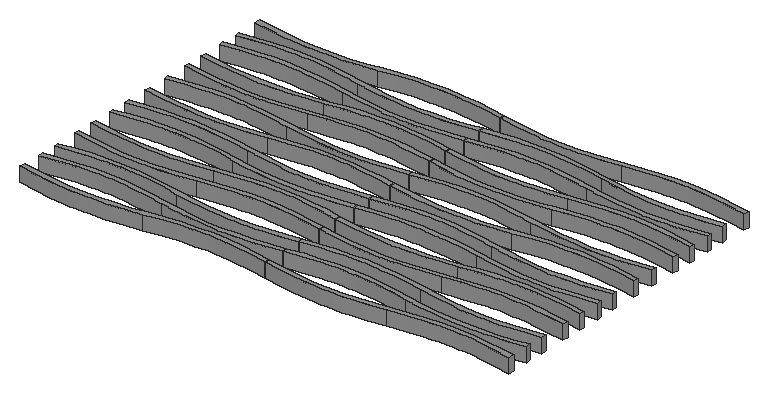
Revit family "BFL-FLD-007_FOLDED BAFFLES_RFA", category Modelos genéricos, Revit 2022
Family settings
  Puede alojar armadura = No
  Cota de conector redondo = Diámetro de uso
  Tipo de pieza = Normal
  Se basa en plano de trabajo = No
  Siempre vertical = Sí
  Corte con vacíos al cargar = No
  Mantener orientación de anotación = No
  Compartido = No
  Punto de cálculo de habitación = No
Parameters
  Elevación por defecto = 0.00"
Reference planes (in)
  plane 1 "Centro (Frontal/Posterior)": y = 0
  plane 2: z = 0
  plane 3 "Centro (Izquierda/Derecha)": x = 0
Forms (in)
  Extrusion 1, solid
    sketch origin (-50.65608, -51.25, 0) x (1, 0, 0) y (0, 1, 0)
      loop
        line (-51.35348, 4.8877) -> (-51.00478, 2.78394)
        spline (-51.00478, 2.78394) -> (-46.75243, 3.44913) -> (-42.48849, 4.0353) -> (-38.21292, 4.52928) -> (-33.92617, 4.9141) -> (-29.62971, 5.16703) -> (-25.32686, 5.25727) -> (-21.02416, 5.1596) -> (-16.72805, 4.90072) -> (-12.44174, 4.51103) -> (-8.16664, 4.01294) -> (-3.90318, 3.4233) -> (0.3487, 2.7551)
        spline (0.3487, 2.7551) -> (4.54288, 2.09578) -> (8.74843, 1.51355) -> (12.96543, 1.0212) -> (17.19348, 0.63552) -> (21.43124, 0.37882) -> (25.67555, 0.28163) -> (29.92003, 0.37134) -> (34.15814, 0.62208) -> (38.38663, 1.0029) -> (42.6041, 1.49115) -> (46.81013, 2.06993) -> (51.00478, 2.72626)
        line (51.00478, 2.72626) -> (50.65608, 4.83002)
        spline (50.65608, 4.83002) -> (46.46143, 4.17369) -> (42.2554, 3.59491) -> (38.03794, 3.10666) -> (33.80944, 2.72585) -> (29.57133, 2.4751) -> (25.32686, 2.38539) -> (21.08254, 2.48258) -> (16.84478, 2.73928) -> (12.61673, 3.12496) -> (8.39973, 3.61731) -> (4.19418, 4.19954) -> (0, 4.85886)
        spline (0, 4.85886) -> (-4.25188, 5.52706) -> (-8.51534, 6.1167) -> (-12.79044, 6.61479) -> (-17.07674, 7.00448) -> (-21.37286, 7.26336) -> (-25.67556, 7.36104) -> (-29.97841, 7.27079) -> (-34.27487, 7.01787) -> (-38.56162, 6.63305) -> (-42.83719, 6.13906) -> (-47.10113, 5.5529) -> (-51.35348, 4.8877)
    from 0 to 6
  Extrusion 2, solid, not visible
    sketch origin (-50.65608, -53, 0) x (1, 0, 0) y (0, 1, 0)
      loop
        line (-51.35348, 57.8877) -> (-51.00478, 55.78394)
        spline (-51.00478, 55.78394) -> (-46.75243, 56.44913) -> (-42.48849, 57.0353) -> (-38.21292, 57.52928) -> (-33.92617, 57.9141) -> (-29.62971, 58.16703) -> (-25.32686, 58.25727) -> (-21.02416, 58.1596) -> (-16.72805, 57.90072) -> (-12.44174, 57.51103) -> (-8.16664, 57.01294) -> (-3.90318, 56.4233) -> (0.3487, 55.7551)
        spline (0.3487, 55.7551) -> (4.54288, 55.09578) -> (8.74843, 54.51355) -> (12.96543, 54.0212) -> (17.19348, 53.63552) -> (21.43124, 53.37882) -> (25.67555, 53.28163) -> (29.92003, 53.37134) -> (34.15814, 53.62208) -> (38.38663, 54.0029) -> (42.6041, 54.49115) -> (46.81013, 55.06993) -> (51.00478, 55.72626)
        line (51.00478, 55.72626) -> (50.65608, 57.83002)
        spline (50.65608, 57.83002) -> (46.46143, 57.17369) -> (42.2554, 56.59491) -> (38.03794, 56.10666) -> (33.80944, 55.72585) -> (29.57133, 55.4751) -> (25.32686, 55.38539) -> (21.08254, 55.48258) -> (16.84478, 55.73928) -> (12.61673, 56.12496) -> (8.39973, 56.61731) -> (4.19418, 57.19954) -> (0, 57.85886)
        spline (0, 57.85886) -> (-4.25188, 58.52706) -> (-8.51534, 59.1167) -> (-12.79044, 59.61479) -> (-17.07674, 60.00448) -> (-21.37286, 60.26336) -> (-25.67556, 60.36104) -> (-29.97841, 60.27079) -> (-34.27487, 60.01787) -> (-38.56162, 59.63305) -> (-42.83719, 59.13906) -> (-47.10113, 58.5529) -> (-51.35348, 57.8877)
    from 0 to 6
  Sweep 3, solid, not visible
    path origin (0, 0, 0) x (1, 0, 0) y (0, 1, 0)
      loop
        spline (-92.49217, 5.10021) -> (-84.6075, 6.03201) -> (-77.1527, 6.33846) -> (-70.05936, 6.14551) -> (-63.25908, 5.5791) -> (-56.68345, 4.76519) -> (-50.26407, 3.82973) -> (-43.91162, 2.89853) -> (-37.47239, 2.09695) -> (-30.78031, 1.55026) -> (-23.66932, 1.38375) -> (-15.97333, 1.72269) -> (-7.52628, 2.69235)
    profile origin (-50.26407, 3.82973, 0) x (0.148278, 0.988946, 0) y (0, 0, 1)
      loop
        line (-0.25, 0) -> (-0.25, -0.04234) -> (0.25, -0.04234) -> (0.25, 0) -> (-0.25, 0)
  Extrusion 4, solid
    sketch origin (51.35348, -51.30768, 0) x (1, 0, 0) y (0, 1, 0)
      loop
        line (-51.35348, 4.8877) -> (-51.00478, 2.78394)
        spline (-51.00478, 2.78394) -> (-46.75243, 3.44913) -> (-42.48849, 4.0353) -> (-38.21292, 4.52928) -> (-33.92617, 4.9141) -> (-29.62971, 5.16703) -> (-25.32686, 5.25727) -> (-21.02416, 5.1596) -> (-16.72805, 4.90072) -> (-12.44174, 4.51103) -> (-8.16664, 4.01294) -> (-3.90318, 3.4233) -> (0.3487, 2.7551)
        spline (0.3487, 2.7551) -> (4.54288, 2.09578) -> (8.74843, 1.51355) -> (12.96543, 1.0212) -> (17.19348, 0.63552) -> (21.43124, 0.37882) -> (25.67555, 0.28163) -> (29.92003, 0.37134) -> (34.15814, 0.62208) -> (38.38663, 1.0029) -> (42.6041, 1.49115) -> (46.81013, 2.06993) -> (51.00478, 2.72626)
        line (51.00478, 2.72626) -> (50.65608, 4.83002)
        spline (50.65608, 4.83002) -> (46.46143, 4.17369) -> (42.2554, 3.59491) -> (38.03794, 3.10666) -> (33.80944, 2.72585) -> (29.57133, 2.4751) -> (25.32686, 2.38539) -> (21.08254, 2.48258) -> (16.84478, 2.73928) -> (12.61673, 3.12496) -> (8.39973, 3.61731) -> (4.19418, 4.19954) -> (0, 4.85886)
        spline (0, 4.85886) -> (-4.25188, 5.52706) -> (-8.51534, 6.1167) -> (-12.79044, 6.61479) -> (-17.07674, 7.00448) -> (-21.37286, 7.26336) -> (-25.67556, 7.36104) -> (-29.97841, 7.27079) -> (-34.27487, 7.01787) -> (-38.56162, 6.63305) -> (-42.83719, 6.13906) -> (-47.10113, 5.5529) -> (-51.35348, 4.8877)
    from 0 to 6
  Extrusion 5, solid
    sketch origin (-50.65608, -53, 0) x (1, 0, 0) y (0, 1, 0)
      loop
        spline (-51.35348, -4.8877) -> (-47.10113, -5.5529) -> (-42.83719, -6.13906) -> (-38.56162, -6.63305) -> (-34.27487, -7.01787) -> (-29.97841, -7.27079) -> (-25.67556, -7.36104) -> (-21.37286, -7.26336) -> (-17.07674, -7.00448) -> (-12.79044, -6.61479) -> (-8.51534, -6.1167) -> (-4.25188, -5.52706) -> (0, -4.85886)
        spline (0, -4.85886) -> (4.19418, -4.19954) -> (8.39973, -3.61731) -> (12.61673, -3.12496) -> (16.84478, -2.73928) -> (21.08254, -2.48258) -> (25.32686, -2.38539) -> (29.57133, -2.4751) -> (33.80944, -2.72585) -> (38.03794, -3.10666) -> (42.2554, -3.59491) -> (46.46143, -4.17369) -> (50.65608, -4.83002)
        line (50.65608, -4.83002) -> (51.00478, -2.72626)
        spline (51.00478, -2.72626) -> (46.81013, -2.06993) -> (42.6041, -1.49115) -> (38.38663, -1.0029) -> (34.15814, -0.62208) -> (29.92003, -0.37134) -> (25.67555, -0.28163) -> (21.43124, -0.37882) -> (17.19348, -0.63552) -> (12.96543, -1.0212) -> (8.74843, -1.51355) -> (4.54288, -2.09578) -> (0.3487, -2.7551)
        spline (0.3487, -2.7551) -> (-3.90318, -3.4233) -> (-8.16664, -4.01294) -> (-12.44174, -4.51103) -> (-16.72805, -4.90072) -> (-21.02416, -5.1596) -> (-25.32686, -5.25727) -> (-29.62971, -5.16703) -> (-33.92617, -4.9141) -> (-38.21292, -4.52928) -> (-42.48849, -4.0353) -> (-46.75243, -3.44913) -> (-51.00478, -2.78394)
        line (-51.00478, -2.78394) -> (-51.35348, -4.8877)
    from 0 to 6
  Sweep 6, solid
    path origin (0, -53, 0) x (1, 0, 0) y (0, 1, 0)
      loop
        spline (-92.49217, -5.10021) -> (-84.6075, -6.03201) -> (-77.1527, -6.33846) -> (-70.05936, -6.14551) -> (-63.25908, -5.5791) -> (-56.68345, -4.76519) -> (-50.26407, -3.82973) -> (-43.91162, -2.89853) -> (-37.47239, -2.09695) -> (-30.78031, -1.55026) -> (-23.66932, -1.38375) -> (-15.97333, -1.72269) -> (-7.52628, -2.69235)
    profile origin (-50.26407, -56.82973, 0) x (-0.148278, 0.988946, 0) y (0, 0, 1)
      loop
        line (0.25, 0) -> (-0.25, 0) -> (-0.25, -0.04234) -> (0.25, -0.04234) -> (0.25, 0)
  Extrusion 7, solid
    sketch origin (51.35348, -52.94232, 0) x (1, 0, 0) y (0, 1, 0)
      loop
        spline (-51.35348, -4.8877) -> (-47.10113, -5.5529) -> (-42.83719, -6.13906) -> (-38.56162, -6.63305) -> (-34.27487, -7.01787) -> (-29.97841, -7.27079) -> (-25.67556, -7.36104) -> (-21.37286, -7.26336) -> (-17.07674, -7.00448) -> (-12.79044, -6.61479) -> (-8.51534, -6.1167) -> (-4.25188, -5.52706) -> (0, -4.85886)
        spline (0, -4.85886) -> (4.19418, -4.19954) -> (8.39973, -3.61731) -> (12.61673, -3.12496) -> (16.84478, -2.73928) -> (21.08254, -2.48258) -> (25.32686, -2.38539) -> (29.57133, -2.4751) -> (33.80944, -2.72585) -> (38.03794, -3.10666) -> (42.2554, -3.59491) -> (46.46143, -4.17369) -> (50.65608, -4.83002)
        line (50.65608, -4.83002) -> (51.00478, -2.72626)
        spline (51.00478, -2.72626) -> (46.81013, -2.06993) -> (42.6041, -1.49115) -> (38.38663, -1.0029) -> (34.15814, -0.62208) -> (29.92003, -0.37134) -> (25.67555, -0.28163) -> (21.43124, -0.37882) -> (17.19348, -0.63552) -> (12.96543, -1.0212) -> (8.74843, -1.51355) -> (4.54288, -2.09578) -> (0.3487, -2.7551)
        spline (0.3487, -2.7551) -> (-3.90318, -3.4233) -> (-8.16664, -4.01294) -> (-12.44174, -4.51103) -> (-16.72805, -4.90072) -> (-21.02416, -5.1596) -> (-25.32686, -5.25727) -> (-29.62971, -5.16703) -> (-33.92617, -4.9141) -> (-38.21292, -4.52928) -> (-42.48849, -4.0353) -> (-46.75243, -3.44913) -> (-51.00478, -2.78394)
        line (-51.00478, -2.78394) -> (-51.35348, -4.8877)
    from 0 to 6
  Sweep 8, solid
    path origin (102.00956, -53.05768, 0) x (1, 0, 0) y (0, 1, 0)
      loop
        spline (-92.49217, -4.98486) -> (-84.6075, -5.91666) -> (-77.1527, -6.2231) -> (-70.05936, -6.03015) -> (-63.25908, -5.46374) -> (-56.68345, -4.64983) -> (-50.26407, -3.71438) -> (-43.91162, -2.78317) -> (-37.47239, -1.98159) -> (-30.78031, -1.4349) -> (-23.66932, -1.26839) -> (-15.97333, -1.60733) -> (-7.52628, -2.577)
    profile origin (51.74549, -56.77206, 0) x (-0.148278, 0.988946, 0) y (0, 0, 1)
      loop
        line (0.25, 0) -> (-0.25, 0) -> (-0.25, -0.04234) -> (0.25, -0.04234) -> (0.25, 0)
  Extrusion 9, solid
    sketch origin (-50.65608, -53, 0) x (1, 0, 0) y (0, 1, 0)
      loop
        line (-51.35348, 14.6377) -> (-51.00478, 12.53394)
        spline (-51.00478, 12.53394) -> (-46.75243, 13.19913) -> (-42.48849, 13.7853) -> (-38.21292, 14.27928) -> (-33.92617, 14.6641) -> (-29.62971, 14.91703) -> (-25.32686, 15.00727) -> (-21.02416, 14.9096) -> (-16.72805, 14.65072) -> (-12.44174, 14.26103) -> (-8.16664, 13.76294) -> (-3.90318, 13.1733) -> (0.3487, 12.5051)
        spline (0.3487, 12.5051) -> (4.54288, 11.84578) -> (8.74843, 11.26355) -> (12.96543, 10.7712) -> (17.19348, 10.38552) -> (21.43124, 10.12882) -> (25.67555, 10.03163) -> (29.92003, 10.12134) -> (34.15814, 10.37208) -> (38.38663, 10.7529) -> (42.6041, 11.24115) -> (46.81013, 11.81993) -> (51.00478, 12.47626)
        line (51.00478, 12.47626) -> (50.65608, 14.58002)
        spline (50.65608, 14.58002) -> (46.46143, 13.92369) -> (42.2554, 13.34491) -> (38.03794, 12.85666) -> (33.80944, 12.47585) -> (29.57133, 12.2251) -> (25.32686, 12.13539) -> (21.08254, 12.23258) -> (16.84478, 12.48928) -> (12.61673, 12.87496) -> (8.39973, 13.36731) -> (4.19418, 13.94954) -> (0, 14.60886)
        spline (0, 14.60886) -> (-4.25188, 15.27706) -> (-8.51534, 15.8667) -> (-12.79044, 16.36479) -> (-17.07674, 16.75448) -> (-21.37286, 17.01336) -> (-25.67556, 17.11104) -> (-29.97841, 17.02079) -> (-34.27487, 16.76787) -> (-38.56162, 16.38305) -> (-42.83719, 15.88906) -> (-47.10113, 15.3029) -> (-51.35348, 14.6377)
    from 0 to 6
  Sweep 10, solid
    path origin (0, -23.25, 0) x (1, 0, 0) y (0, 1, 0)
      loop
        spline (-92.49217, -14.89979) -> (-84.6075, -13.96799) -> (-77.1527, -13.66154) -> (-70.05936, -13.85449) -> (-63.25908, -14.4209) -> (-56.68345, -15.23481) -> (-50.26407, -16.17027) -> (-43.91162, -17.10147) -> (-37.47239, -17.90305) -> (-30.78031, -18.44974) -> (-23.66932, -18.61625) -> (-15.97333, -18.27731) -> (-7.52628, -17.30765)
    profile origin (-50.26407, -39.42027, 0) x (0.148278, 0.988946, 0) y (0, 0, 1)
      loop
        line (-0.25, 0) -> (-0.25, -0.04234) -> (0.25, -0.04234) -> (0.25, 0) -> (-0.25, 0)
  Extrusion 11, solid
    sketch origin (51.35348, -149.30768, 0) x (1, 0, 0) y (0, 1, 0)
      loop
        line (-51.35348, 110.8877) -> (-51.00478, 108.78394)
        spline (-51.00478, 108.78394) -> (-46.75243, 109.44913) -> (-42.48849, 110.0353) -> (-38.21292, 110.52928) -> (-33.92617, 110.9141) -> (-29.62971, 111.16703) -> (-25.32686, 111.25727) -> (-21.02416, 111.1596) -> (-16.72805, 110.90072) -> (-12.44174, 110.51103) -> (-8.16664, 110.01294) -> (-3.90318, 109.4233) -> (0.3487, 108.7551)
        spline (0.3487, 108.7551) -> (4.54288, 108.09578) -> (8.74843, 107.51355) -> (12.96543, 107.0212) -> (17.19348, 106.63552) -> (21.43124, 106.37882) -> (25.67555, 106.28163) -> (29.92003, 106.37134) -> (34.15814, 106.62208) -> (38.38663, 107.0029) -> (42.6041, 107.49115) -> (46.81013, 108.06993) -> (51.00478, 108.72626)
        line (51.00478, 108.72626) -> (50.65608, 110.83002)
        spline (50.65608, 110.83002) -> (46.46143, 110.17369) -> (42.2554, 109.59491) -> (38.03794, 109.10666) -> (33.80944, 108.72585) -> (29.57133, 108.4751) -> (25.32686, 108.38539) -> (21.08254, 108.48258) -> (16.84478, 108.73928) -> (12.61673, 109.12496) -> (8.39973, 109.61731) -> (4.19418, 110.19954) -> (0, 110.85886)
        spline (0, 110.85886) -> (-4.25188, 111.52706) -> (-8.51534, 112.1167) -> (-12.79044, 112.61479) -> (-17.07674, 113.00448) -> (-21.37286, 113.26336) -> (-25.67556, 113.36104) -> (-29.97841, 113.27079) -> (-34.27487, 113.01787) -> (-38.56162, 112.63305) -> (-42.83719, 112.13906) -> (-47.10113, 111.5529) -> (-51.35348, 110.8877)
    from 0 to 6
  Sweep 12, solid
    path origin (102.00956, -23.30768, 0) x (1, 0, 0) y (0, 1, 0)
      loop
        spline (-92.49217, -14.89979) -> (-84.6075, -13.96799) -> (-77.1527, -13.66154) -> (-70.05936, -13.85449) -> (-63.25908, -14.4209) -> (-56.68345, -15.23481) -> (-50.26407, -16.17027) -> (-43.91162, -17.10147) -> (-37.47239, -17.90305) -> (-30.78031, -18.44974) -> (-23.66932, -18.61625) -> (-15.97333, -18.27731) -> (-7.52628, -17.30765)
    profile origin (51.74549, -39.47794, 0) x (0.148278, 0.988946, 0) y (0, 0, 1)
      loop
        line (-0.25, 0) -> (-0.25, -0.04234) -> (0.25, -0.04234) -> (0.25, 0) -> (-0.25, 0)
  Extrusion 13, solid
    sketch origin (-50.65608, -24.73205, 0) x (1, 0, 0) y (0, 1, 0)
      loop
        spline (-51.35348, -4.8877) -> (-47.10113, -5.5529) -> (-42.83719, -6.13906) -> (-38.56162, -6.63305) -> (-34.27487, -7.01787) -> (-29.97841, -7.27079) -> (-25.67556, -7.36104) -> (-21.37286, -7.26336) -> (-17.07674, -7.00448) -> (-12.79044, -6.61479) -> (-8.51534, -6.1167) -> (-4.25188, -5.52706) -> (0, -4.85886)
        spline (0, -4.85886) -> (4.19418, -4.19954) -> (8.39973, -3.61731) -> (12.61673, -3.12496) -> (16.84478, -2.73928) -> (21.08254, -2.48258) -> (25.32686, -2.38539) -> (29.57133, -2.4751) -> (33.80944, -2.72585) -> (38.03794, -3.10666) -> (42.2554, -3.59491) -> (46.46143, -4.17369) -> (50.65608, -4.83002)
        line (50.65608, -4.83002) -> (51.00478, -2.72626)
        spline (51.00478, -2.72626) -> (46.81013, -2.06993) -> (42.6041, -1.49115) -> (38.38663, -1.0029) -> (34.15814, -0.62208) -> (29.92003, -0.37134) -> (25.67555, -0.28163) -> (21.43124, -0.37882) -> (17.19348, -0.63552) -> (12.96543, -1.0212) -> (8.74843, -1.51355) -> (4.54288, -2.09578) -> (0.3487, -2.7551)
        spline (0.3487, -2.7551) -> (-3.90318, -3.4233) -> (-8.16664, -4.01294) -> (-12.44174, -4.51103) -> (-16.72805, -4.90072) -> (-21.02416, -5.1596) -> (-25.32686, -5.25727) -> (-29.62971, -5.16703) -> (-33.92617, -4.9141) -> (-38.21292, -4.52928) -> (-42.48849, -4.0353) -> (-46.75243, -3.44913) -> (-51.00478, -2.78394)
        line (-51.00478, -2.78394) -> (-51.35348, -4.8877)
    from 0 to 6
  Extrusion 14, solid
    sketch origin (51.35348, -24.67437, 0) x (1, 0, 0) y (0, 1, 0)
      loop
        spline (-51.35348, -4.8877) -> (-47.10113, -5.5529) -> (-42.83719, -6.13906) -> (-38.56162, -6.63305) -> (-34.27487, -7.01787) -> (-29.97841, -7.27079) -> (-25.67556, -7.36104) -> (-21.37286, -7.26336) -> (-17.07674, -7.00448) -> (-12.79044, -6.61479) -> (-8.51534, -6.1167) -> (-4.25188, -5.52706) -> (0, -4.85886)
        spline (0, -4.85886) -> (4.19418, -4.19954) -> (8.39973, -3.61731) -> (12.61673, -3.12496) -> (16.84478, -2.73928) -> (21.08254, -2.48258) -> (25.32686, -2.38539) -> (29.57133, -2.4751) -> (33.80944, -2.72585) -> (38.03794, -3.10666) -> (42.2554, -3.59491) -> (46.46143, -4.17369) -> (50.65608, -4.83002)
        line (50.65608, -4.83002) -> (51.00478, -2.72626)
        spline (51.00478, -2.72626) -> (46.81013, -2.06993) -> (42.6041, -1.49115) -> (38.38663, -1.0029) -> (34.15814, -0.62208) -> (29.92003, -0.37134) -> (25.67555, -0.28163) -> (21.43124, -0.37882) -> (17.19348, -0.63552) -> (12.96543, -1.0212) -> (8.74843, -1.51355) -> (4.54288, -2.09578) -> (0.3487, -2.7551)
        spline (0.3487, -2.7551) -> (-3.90318, -3.4233) -> (-8.16664, -4.01294) -> (-12.44174, -4.51103) -> (-16.72805, -4.90072) -> (-21.02416, -5.1596) -> (-25.32686, -5.25727) -> (-29.62971, -5.16703) -> (-33.92617, -4.9141) -> (-38.21292, -4.52928) -> (-42.48849, -4.0353) -> (-46.75243, -3.44913) -> (-51.00478, -2.78394)
        line (-51.00478, -2.78394) -> (-51.35348, -4.8877)
    from 0 to 6
  Extrusion 15, solid
    sketch origin (-50.65608, -16, 0) x (1, 0, 0) y (0, 1, 0)
      loop
        spline (-51.35348, -4.8877) -> (-47.10113, -5.5529) -> (-42.83719, -6.13906) -> (-38.56162, -6.63305) -> (-34.27487, -7.01787) -> (-29.97841, -7.27079) -> (-25.67556, -7.36104) -> (-21.37286, -7.26336) -> (-17.07674, -7.00448) -> (-12.79044, -6.61479) -> (-8.51534, -6.1167) -> (-4.25188, -5.52706) -> (0, -4.85886)
        spline (0, -4.85886) -> (4.19418, -4.19954) -> (8.39973, -3.61731) -> (12.61673, -3.12496) -> (16.84478, -2.73928) -> (21.08254, -2.48258) -> (25.32686, -2.38539) -> (29.57133, -2.4751) -> (33.80944, -2.72585) -> (38.03794, -3.10666) -> (42.2554, -3.59491) -> (46.46143, -4.17369) -> (50.65608, -4.83002)
        line (50.65608, -4.83002) -> (51.00478, -2.72626)
        spline (51.00478, -2.72626) -> (46.81013, -2.06993) -> (42.6041, -1.49115) -> (38.38663, -1.0029) -> (34.15814, -0.62208) -> (29.92003, -0.37134) -> (25.67555, -0.28163) -> (21.43124, -0.37882) -> (17.19348, -0.63552) -> (12.96543, -1.0212) -> (8.74843, -1.51355) -> (4.54288, -2.09578) -> (0.3487, -2.7551)
        spline (0.3487, -2.7551) -> (-3.90318, -3.4233) -> (-8.16664, -4.01294) -> (-12.44174, -4.51103) -> (-16.72805, -4.90072) -> (-21.02416, -5.1596) -> (-25.32686, -5.25727) -> (-29.62971, -5.16703) -> (-33.92617, -4.9141) -> (-38.21292, -4.52928) -> (-42.48849, -4.0353) -> (-46.75243, -3.44913) -> (-51.00478, -2.78394)
        line (-51.00478, -2.78394) -> (-51.35348, -4.8877)
    from 0 to 6
  Sweep 16, solid
    path origin (0, -16, 0) x (1, 0, 0) y (0, 1, 0)
      loop
        spline (-92.49217, -5.10021) -> (-84.6075, -6.03201) -> (-77.1527, -6.33846) -> (-70.05936, -6.14551) -> (-63.25908, -5.5791) -> (-56.68345, -4.76519) -> (-50.26407, -3.82973) -> (-43.91162, -2.89853) -> (-37.47239, -2.09695) -> (-30.78031, -1.55026) -> (-23.66932, -1.38375) -> (-15.97333, -1.72269) -> (-7.52628, -2.69235)
    profile origin (-50.26407, -19.82973, 0) x (-0.148278, 0.988946, 0) y (0, 0, 1)
      loop
        line (0.25, 0) -> (-0.25, 0) -> (-0.25, -0.04234) -> (0.25, -0.04234) -> (0.25, 0)
  Extrusion 17, solid
    sketch origin (51.35348, -15.94232, 0) x (1, 0, 0) y (0, 1, 0)
      loop
        spline (-51.35348, -4.8877) -> (-47.10113, -5.5529) -> (-42.83719, -6.13906) -> (-38.56162, -6.63305) -> (-34.27487, -7.01787) -> (-29.97841, -7.27079) -> (-25.67556, -7.36104) -> (-21.37286, -7.26336) -> (-17.07674, -7.00448) -> (-12.79044, -6.61479) -> (-8.51534, -6.1167) -> (-4.25188, -5.52706) -> (0, -4.85886)
        spline (0, -4.85886) -> (4.19418, -4.19954) -> (8.39973, -3.61731) -> (12.61673, -3.12496) -> (16.84478, -2.73928) -> (21.08254, -2.48258) -> (25.32686, -2.38539) -> (29.57133, -2.4751) -> (33.80944, -2.72585) -> (38.03794, -3.10666) -> (42.2554, -3.59491) -> (46.46143, -4.17369) -> (50.65608, -4.83002)
        line (50.65608, -4.83002) -> (51.00478, -2.72626)
        spline (51.00478, -2.72626) -> (46.81013, -2.06993) -> (42.6041, -1.49115) -> (38.38663, -1.0029) -> (34.15814, -0.62208) -> (29.92003, -0.37134) -> (25.67555, -0.28163) -> (21.43124, -0.37882) -> (17.19348, -0.63552) -> (12.96543, -1.0212) -> (8.74843, -1.51355) -> (4.54288, -2.09578) -> (0.3487, -2.7551)
        spline (0.3487, -2.7551) -> (-3.90318, -3.4233) -> (-8.16664, -4.01294) -> (-12.44174, -4.51103) -> (-16.72805, -4.90072) -> (-21.02416, -5.1596) -> (-25.32686, -5.25727) -> (-29.62971, -5.16703) -> (-33.92617, -4.9141) -> (-38.21292, -4.52928) -> (-42.48849, -4.0353) -> (-46.75243, -3.44913) -> (-51.00478, -2.78394)
        line (-51.00478, -2.78394) -> (-51.35348, -4.8877)
    from 0 to 6
  Sweep 18, solid
    path origin (102.00956, -16.05768, 0) x (1, 0, 0) y (0, 1, 0)
      loop
        spline (-92.49217, -4.98486) -> (-84.6075, -5.91666) -> (-77.1527, -6.2231) -> (-70.05936, -6.03015) -> (-63.25908, -5.46374) -> (-56.68345, -4.64983) -> (-50.26407, -3.71438) -> (-43.91162, -2.78317) -> (-37.47239, -1.98159) -> (-30.78031, -1.4349) -> (-23.66932, -1.26839) -> (-15.97333, -1.60733) -> (-7.52628, -2.577)
    profile origin (51.74549, -19.77206, 0) x (-0.148278, 0.988946, 0) y (0, 0, 1)
      loop
        line (0.25, 0) -> (-0.25, 0) -> (-0.25, -0.04234) -> (0.25, -0.04234) -> (0.25, 0)
  Extrusion 19, solid
    sketch origin (-50.65608, -14.25, 0) x (1, 0, 0) y (0, 1, 0)
      loop
        line (-51.35348, 4.8877) -> (-51.00478, 2.78394)
        spline (-51.00478, 2.78394) -> (-46.75243, 3.44913) -> (-42.48849, 4.0353) -> (-38.21292, 4.52928) -> (-33.92617, 4.9141) -> (-29.62971, 5.16703) -> (-25.32686, 5.25727) -> (-21.02416, 5.1596) -> (-16.72805, 4.90072) -> (-12.44174, 4.51103) -> (-8.16664, 4.01294) -> (-3.90318, 3.4233) -> (0.3487, 2.7551)
        spline (0.3487, 2.7551) -> (4.54288, 2.09578) -> (8.74843, 1.51355) -> (12.96543, 1.0212) -> (17.19348, 0.63552) -> (21.43124, 0.37882) -> (25.67555, 0.28163) -> (29.92003, 0.37134) -> (34.15814, 0.62208) -> (38.38663, 1.0029) -> (42.6041, 1.49115) -> (46.81013, 2.06993) -> (51.00478, 2.72626)
        line (51.00478, 2.72626) -> (50.65608, 4.83002)
        spline (50.65608, 4.83002) -> (46.46143, 4.17369) -> (42.2554, 3.59491) -> (38.03794, 3.10666) -> (33.80944, 2.72585) -> (29.57133, 2.4751) -> (25.32686, 2.38539) -> (21.08254, 2.48258) -> (16.84478, 2.73928) -> (12.61673, 3.12496) -> (8.39973, 3.61731) -> (4.19418, 4.19954) -> (0, 4.85886)
        spline (0, 4.85886) -> (-4.25188, 5.52706) -> (-8.51534, 6.1167) -> (-12.79044, 6.61479) -> (-17.07674, 7.00448) -> (-21.37286, 7.26336) -> (-25.67556, 7.36104) -> (-29.97841, 7.27079) -> (-34.27487, 7.01787) -> (-38.56162, 6.63305) -> (-42.83719, 6.13906) -> (-47.10113, 5.5529) -> (-51.35348, 4.8877)
    from 0 to 6
  Extrusion 20, solid
    sketch origin (51.35348, -14.30768, 0) x (1, 0, 0) y (0, 1, 0)
      loop
        line (-51.35348, 4.8877) -> (-51.00478, 2.78394)
        spline (-51.00478, 2.78394) -> (-46.75243, 3.44913) -> (-42.48849, 4.0353) -> (-38.21292, 4.52928) -> (-33.92617, 4.9141) -> (-29.62971, 5.16703) -> (-25.32686, 5.25727) -> (-21.02416, 5.1596) -> (-16.72805, 4.90072) -> (-12.44174, 4.51103) -> (-8.16664, 4.01294) -> (-3.90318, 3.4233) -> (0.3487, 2.7551)
        spline (0.3487, 2.7551) -> (4.54288, 2.09578) -> (8.74843, 1.51355) -> (12.96543, 1.0212) -> (17.19348, 0.63552) -> (21.43124, 0.37882) -> (25.67555, 0.28163) -> (29.92003, 0.37134) -> (34.15814, 0.62208) -> (38.38663, 1.0029) -> (42.6041, 1.49115) -> (46.81013, 2.06993) -> (51.00478, 2.72626)
        line (51.00478, 2.72626) -> (50.65608, 4.83002)
        spline (50.65608, 4.83002) -> (46.46143, 4.17369) -> (42.2554, 3.59491) -> (38.03794, 3.10666) -> (33.80944, 2.72585) -> (29.57133, 2.4751) -> (25.32686, 2.38539) -> (21.08254, 2.48258) -> (16.84478, 2.73928) -> (12.61673, 3.12496) -> (8.39973, 3.61731) -> (4.19418, 4.19954) -> (0, 4.85886)
        spline (0, 4.85886) -> (-4.25188, 5.52706) -> (-8.51534, 6.1167) -> (-12.79044, 6.61479) -> (-17.07674, 7.00448) -> (-21.37286, 7.26336) -> (-25.67556, 7.36104) -> (-29.97841, 7.27079) -> (-34.27487, 7.01787) -> (-38.56162, 6.63305) -> (-42.83719, 6.13906) -> (-47.10113, 5.5529) -> (-51.35348, 4.8877)
    from 0 to 6
  Extrusion 21, solid
    sketch origin (-50.65608, -53, 0) x (1, 0, 0) y (0, 1, 0)
      loop
        line (-51.35348, 51.6377) -> (-51.00478, 49.53394)
        spline (-51.00478, 49.53394) -> (-46.75243, 50.19913) -> (-42.48849, 50.7853) -> (-38.21292, 51.27928) -> (-33.92617, 51.6641) -> (-29.62971, 51.91703) -> (-25.32686, 52.00727) -> (-21.02416, 51.9096) -> (-16.72805, 51.65072) -> (-12.44174, 51.26103) -> (-8.16664, 50.76294) -> (-3.90318, 50.1733) -> (0.3487, 49.5051)
        spline (0.3487, 49.5051) -> (4.54288, 48.84578) -> (8.74843, 48.26355) -> (12.96543, 47.7712) -> (17.19348, 47.38552) -> (21.43124, 47.12882) -> (25.67555, 47.03163) -> (29.92003, 47.12134) -> (34.15814, 47.37208) -> (38.38663, 47.7529) -> (42.6041, 48.24115) -> (46.81013, 48.81993) -> (51.00478, 49.47626)
        line (51.00478, 49.47626) -> (50.65608, 51.58002)
        spline (50.65608, 51.58002) -> (46.46143, 50.92369) -> (42.2554, 50.34491) -> (38.03794, 49.85666) -> (33.80944, 49.47585) -> (29.57133, 49.2251) -> (25.32686, 49.13539) -> (21.08254, 49.23258) -> (16.84478, 49.48928) -> (12.61673, 49.87496) -> (8.39973, 50.36731) -> (4.19418, 50.94954) -> (0, 51.60886)
        spline (0, 51.60886) -> (-4.25188, 52.27706) -> (-8.51534, 52.8667) -> (-12.79044, 53.36479) -> (-17.07674, 53.75448) -> (-21.37286, 54.01336) -> (-25.67556, 54.11104) -> (-29.97841, 54.02079) -> (-34.27487, 53.76787) -> (-38.56162, 53.38305) -> (-42.83719, 52.88906) -> (-47.10113, 52.3029) -> (-51.35348, 51.6377)
    from 0 to 6
  Sweep 22, solid
    path origin (0, 13.75, 0) x (1, 0, 0) y (0, 1, 0)
      loop
        spline (-92.49217, -14.89979) -> (-84.6075, -13.96799) -> (-77.1527, -13.66154) -> (-70.05936, -13.85449) -> (-63.25908, -14.4209) -> (-56.68345, -15.23481) -> (-50.26407, -16.17027) -> (-43.91162, -17.10147) -> (-37.47239, -17.90305) -> (-30.78031, -18.44974) -> (-23.66932, -18.61625) -> (-15.97333, -18.27731) -> (-7.52628, -17.30765)
    profile origin (-50.26407, -2.42027, 0) x (0.148278, 0.988946, 0) y (0, 0, 1)
      loop
        line (-0.25, 0) -> (-0.25, -0.04234) -> (0.25, -0.04234) -> (0.25, 0) -> (-0.25, 0)
  Extrusion 23, solid
    sketch origin (51.35348, -112.30768, 0) x (1, 0, 0) y (0, 1, 0)
      loop
        line (-51.35348, 110.8877) -> (-51.00478, 108.78394)
        spline (-51.00478, 108.78394) -> (-46.75243, 109.44913) -> (-42.48849, 110.0353) -> (-38.21292, 110.52928) -> (-33.92617, 110.9141) -> (-29.62971, 111.16703) -> (-25.32686, 111.25727) -> (-21.02416, 111.1596) -> (-16.72805, 110.90072) -> (-12.44174, 110.51103) -> (-8.16664, 110.01294) -> (-3.90318, 109.4233) -> (0.3487, 108.7551)
        spline (0.3487, 108.7551) -> (4.54288, 108.09578) -> (8.74843, 107.51355) -> (12.96543, 107.0212) -> (17.19348, 106.63552) -> (21.43124, 106.37882) -> (25.67555, 106.28163) -> (29.92003, 106.37134) -> (34.15814, 106.62208) -> (38.38663, 107.0029) -> (42.6041, 107.49115) -> (46.81013, 108.06993) -> (51.00478, 108.72626)
        line (51.00478, 108.72626) -> (50.65608, 110.83002)
        spline (50.65608, 110.83002) -> (46.46143, 110.17369) -> (42.2554, 109.59491) -> (38.03794, 109.10666) -> (33.80944, 108.72585) -> (29.57133, 108.4751) -> (25.32686, 108.38539) -> (21.08254, 108.48258) -> (16.84478, 108.73928) -> (12.61673, 109.12496) -> (8.39973, 109.61731) -> (4.19418, 110.19954) -> (0, 110.85886)
        spline (0, 110.85886) -> (-4.25188, 111.52706) -> (-8.51534, 112.1167) -> (-12.79044, 112.61479) -> (-17.07674, 113.00448) -> (-21.37286, 113.26336) -> (-25.67556, 113.36104) -> (-29.97841, 113.27079) -> (-34.27487, 113.01787) -> (-38.56162, 112.63305) -> (-42.83719, 112.13906) -> (-47.10113, 111.5529) -> (-51.35348, 110.8877)
    from 0 to 6
  Sweep 24, solid
    path origin (102.00956, 13.69232, 0) x (1, 0, 0) y (0, 1, 0)
      loop
        spline (-92.49217, -14.89979) -> (-84.6075, -13.96799) -> (-77.1527, -13.66154) -> (-70.05936, -13.85449) -> (-63.25908, -14.4209) -> (-56.68345, -15.23481) -> (-50.26407, -16.17027) -> (-43.91162, -17.10147) -> (-37.47239, -17.90305) -> (-30.78031, -18.44974) -> (-23.66932, -18.61625) -> (-15.97333, -18.27731) -> (-7.52628, -17.30765)
    profile origin (51.74549, -2.47794, 0) x (0.148278, 0.988946, 0) y (0, 0, 1)
      loop
        line (-0.25, 0) -> (-0.25, -0.04234) -> (0.25, -0.04234) -> (0.25, 0) -> (-0.25, 0)
  Extrusion 25, solid
    sketch origin (-50.65608, 12.26795, 0) x (1, 0, 0) y (0, 1, 0)
      loop
        spline (-51.35348, -4.8877) -> (-47.10113, -5.5529) -> (-42.83719, -6.13906) -> (-38.56162, -6.63305) -> (-34.27487, -7.01787) -> (-29.97841, -7.27079) -> (-25.67556, -7.36104) -> (-21.37286, -7.26336) -> (-17.07674, -7.00448) -> (-12.79044, -6.61479) -> (-8.51534, -6.1167) -> (-4.25188, -5.52706) -> (0, -4.85886)
        spline (0, -4.85886) -> (4.19418, -4.19954) -> (8.39973, -3.61731) -> (12.61673, -3.12496) -> (16.84478, -2.73928) -> (21.08254, -2.48258) -> (25.32686, -2.38539) -> (29.57133, -2.4751) -> (33.80944, -2.72585) -> (38.03794, -3.10666) -> (42.2554, -3.59491) -> (46.46143, -4.17369) -> (50.65608, -4.83002)
        line (50.65608, -4.83002) -> (51.00478, -2.72626)
        spline (51.00478, -2.72626) -> (46.81013, -2.06993) -> (42.6041, -1.49115) -> (38.38663, -1.0029) -> (34.15814, -0.62208) -> (29.92003, -0.37134) -> (25.67555, -0.28163) -> (21.43124, -0.37882) -> (17.19348, -0.63552) -> (12.96543, -1.0212) -> (8.74843, -1.51355) -> (4.54288, -2.09578) -> (0.3487, -2.7551)
        spline (0.3487, -2.7551) -> (-3.90318, -3.4233) -> (-8.16664, -4.01294) -> (-12.44174, -4.51103) -> (-16.72805, -4.90072) -> (-21.02416, -5.1596) -> (-25.32686, -5.25727) -> (-29.62971, -5.16703) -> (-33.92617, -4.9141) -> (-38.21292, -4.52928) -> (-42.48849, -4.0353) -> (-46.75243, -3.44913) -> (-51.00478, -2.78394)
        line (-51.00478, -2.78394) -> (-51.35348, -4.8877)
    from 0 to 6
  Extrusion 26, solid
    sketch origin (51.35348, 12.32563, 0) x (1, 0, 0) y (0, 1, 0)
      loop
        spline (-51.35348, -4.8877) -> (-47.10113, -5.5529) -> (-42.83719, -6.13906) -> (-38.56162, -6.63305) -> (-34.27487, -7.01787) -> (-29.97841, -7.27079) -> (-25.67556, -7.36104) -> (-21.37286, -7.26336) -> (-17.07674, -7.00448) -> (-12.79044, -6.61479) -> (-8.51534, -6.1167) -> (-4.25188, -5.52706) -> (0, -4.85886)
        spline (0, -4.85886) -> (4.19418, -4.19954) -> (8.39973, -3.61731) -> (12.61673, -3.12496) -> (16.84478, -2.73928) -> (21.08254, -2.48258) -> (25.32686, -2.38539) -> (29.57133, -2.4751) -> (33.80944, -2.72585) -> (38.03794, -3.10666) -> (42.2554, -3.59491) -> (46.46143, -4.17369) -> (50.65608, -4.83002)
        line (50.65608, -4.83002) -> (51.00478, -2.72626)
        spline (51.00478, -2.72626) -> (46.81013, -2.06993) -> (42.6041, -1.49115) -> (38.38663, -1.0029) -> (34.15814, -0.62208) -> (29.92003, -0.37134) -> (25.67555, -0.28163) -> (21.43124, -0.37882) -> (17.19348, -0.63552) -> (12.96543, -1.0212) -> (8.74843, -1.51355) -> (4.54288, -2.09578) -> (0.3487, -2.7551)
        spline (0.3487, -2.7551) -> (-3.90318, -3.4233) -> (-8.16664, -4.01294) -> (-12.44174, -4.51103) -> (-16.72805, -4.90072) -> (-21.02416, -5.1596) -> (-25.32686, -5.25727) -> (-29.62971, -5.16703) -> (-33.92617, -4.9141) -> (-38.21292, -4.52928) -> (-42.48849, -4.0353) -> (-46.75243, -3.44913) -> (-51.00478, -2.78394)
        line (-51.00478, -2.78394) -> (-51.35348, -4.8877)
    from 0 to 6
  Extrusion 27, solid
    sketch origin (-50.65608, -53, 0) x (1, 0, 0) y (0, 1, 0)
      loop
        line (-51.35348, 72.1377) -> (-51.00478, 70.03394)
        spline (-51.00478, 70.03394) -> (-46.75243, 70.69913) -> (-42.48849, 71.2853) -> (-38.21292, 71.77928) -> (-33.92617, 72.1641) -> (-29.62971, 72.41703) -> (-25.32686, 72.50727) -> (-21.02416, 72.4096) -> (-16.72805, 72.15072) -> (-12.44174, 71.76103) -> (-8.16664, 71.26294) -> (-3.90318, 70.6733) -> (0.3487, 70.0051)
        spline (0.3487, 70.0051) -> (4.54288, 69.34578) -> (8.74843, 68.76355) -> (12.96543, 68.2712) -> (17.19348, 67.88552) -> (21.43124, 67.62882) -> (25.67555, 67.53163) -> (29.92003, 67.62134) -> (34.15814, 67.87208) -> (38.38663, 68.2529) -> (42.6041, 68.74115) -> (46.81013, 69.31993) -> (51.00478, 69.97626)
        line (51.00478, 69.97626) -> (50.65608, 72.08002)
        spline (50.65608, 72.08002) -> (46.46143, 71.42369) -> (42.2554, 70.84491) -> (38.03794, 70.35666) -> (33.80944, 69.97585) -> (29.57133, 69.7251) -> (25.32686, 69.63539) -> (21.08254, 69.73258) -> (16.84478, 69.98928) -> (12.61673, 70.37496) -> (8.39973, 70.86731) -> (4.19418, 71.44954) -> (0, 72.10886)
        spline (0, 72.10886) -> (-4.25188, 72.77706) -> (-8.51534, 73.3667) -> (-12.79044, 73.86479) -> (-17.07674, 74.25448) -> (-21.37286, 74.51336) -> (-25.67556, 74.61104) -> (-29.97841, 74.52079) -> (-34.27487, 74.26787) -> (-38.56162, 73.88305) -> (-42.83719, 73.38906) -> (-47.10113, 72.8029) -> (-51.35348, 72.1377)
    from 0 to 6
  Sweep 28, solid
    path origin (0, 34.25, 0) x (1, 0, 0) y (0, 1, 0)
      loop
        spline (-92.49217, -14.89979) -> (-84.6075, -13.96799) -> (-77.1527, -13.66154) -> (-70.05936, -13.85449) -> (-63.25908, -14.4209) -> (-56.68345, -15.23481) -> (-50.26407, -16.17027) -> (-43.91162, -17.10147) -> (-37.47239, -17.90305) -> (-30.78031, -18.44974) -> (-23.66932, -18.61625) -> (-15.97333, -18.27731) -> (-7.52628, -17.30765)
    profile origin (-50.26407, 18.07973, 0) x (0.148278, 0.988946, 0) y (0, 0, 1)
      loop
        line (-0.25, 0) -> (-0.25, -0.04234) -> (0.25, -0.04234) -> (0.25, 0) -> (-0.25, 0)
  Extrusion 29, solid
    sketch origin (51.35348, -91.80768, 0) x (1, 0, 0) y (0, 1, 0)
      loop
        line (-51.35348, 110.8877) -> (-51.00478, 108.78394)
        spline (-51.00478, 108.78394) -> (-46.75243, 109.44913) -> (-42.48849, 110.0353) -> (-38.21292, 110.52928) -> (-33.92617, 110.9141) -> (-29.62971, 111.16703) -> (-25.32686, 111.25727) -> (-21.02416, 111.1596) -> (-16.72805, 110.90072) -> (-12.44174, 110.51103) -> (-8.16664, 110.01294) -> (-3.90318, 109.4233) -> (0.3487, 108.7551)
        spline (0.3487, 108.7551) -> (4.54288, 108.09578) -> (8.74843, 107.51355) -> (12.96543, 107.0212) -> (17.19348, 106.63552) -> (21.43124, 106.37882) -> (25.67555, 106.28163) -> (29.92003, 106.37134) -> (34.15814, 106.62208) -> (38.38663, 107.0029) -> (42.6041, 107.49115) -> (46.81013, 108.06993) -> (51.00478, 108.72626)
        line (51.00478, 108.72626) -> (50.65608, 110.83002)
        spline (50.65608, 110.83002) -> (46.46143, 110.17369) -> (42.2554, 109.59491) -> (38.03794, 109.10666) -> (33.80944, 108.72585) -> (29.57133, 108.4751) -> (25.32686, 108.38539) -> (21.08254, 108.48258) -> (16.84478, 108.73928) -> (12.61673, 109.12496) -> (8.39973, 109.61731) -> (4.19418, 110.19954) -> (0, 110.85886)
        spline (0, 110.85886) -> (-4.25188, 111.52706) -> (-8.51534, 112.1167) -> (-12.79044, 112.61479) -> (-17.07674, 113.00448) -> (-21.37286, 113.26336) -> (-25.67556, 113.36104) -> (-29.97841, 113.27079) -> (-34.27487, 113.01787) -> (-38.56162, 112.63305) -> (-42.83719, 112.13906) -> (-47.10113, 111.5529) -> (-51.35348, 110.8877)
    from 0 to 6
  Sweep 30, solid
    path origin (102.00956, 34.19232, 0) x (1, 0, 0) y (0, 1, 0)
      loop
        spline (-92.49217, -14.89979) -> (-84.6075, -13.96799) -> (-77.1527, -13.66154) -> (-70.05936, -13.85449) -> (-63.25908, -14.4209) -> (-56.68345, -15.23481) -> (-50.26407, -16.17027) -> (-43.91162, -17.10147) -> (-37.47239, -17.90305) -> (-30.78031, -18.44974) -> (-23.66932, -18.61625) -> (-15.97333, -18.27731) -> (-7.52628, -17.30765)
    profile origin (51.74549, 18.02206, 0) x (0.148278, 0.988946, 0) y (0, 0, 1)
      loop
        line (-0.25, 0) -> (-0.25, -0.04234) -> (0.25, -0.04234) -> (0.25, 0) -> (-0.25, 0)
  Extrusion 31, solid
    sketch origin (-50.65608, 32.76795, 0) x (1, 0, 0) y (0, 1, 0)
      loop
        spline (-51.35348, -4.8877) -> (-47.10113, -5.5529) -> (-42.83719, -6.13906) -> (-38.56162, -6.63305) -> (-34.27487, -7.01787) -> (-29.97841, -7.27079) -> (-25.67556, -7.36104) -> (-21.37286, -7.26336) -> (-17.07674, -7.00448) -> (-12.79044, -6.61479) -> (-8.51534, -6.1167) -> (-4.25188, -5.52706) -> (0, -4.85886)
        spline (0, -4.85886) -> (4.19418, -4.19954) -> (8.39973, -3.61731) -> (12.61673, -3.12496) -> (16.84478, -2.73928) -> (21.08254, -2.48258) -> (25.32686, -2.38539) -> (29.57133, -2.4751) -> (33.80944, -2.72585) -> (38.03794, -3.10666) -> (42.2554, -3.59491) -> (46.46143, -4.17369) -> (50.65608, -4.83002)
        line (50.65608, -4.83002) -> (51.00478, -2.72626)
        spline (51.00478, -2.72626) -> (46.81013, -2.06993) -> (42.6041, -1.49115) -> (38.38663, -1.0029) -> (34.15814, -0.62208) -> (29.92003, -0.37134) -> (25.67555, -0.28163) -> (21.43124, -0.37882) -> (17.19348, -0.63552) -> (12.96543, -1.0212) -> (8.74843, -1.51355) -> (4.54288, -2.09578) -> (0.3487, -2.7551)
        spline (0.3487, -2.7551) -> (-3.90318, -3.4233) -> (-8.16664, -4.01294) -> (-12.44174, -4.51103) -> (-16.72805, -4.90072) -> (-21.02416, -5.1596) -> (-25.32686, -5.25727) -> (-29.62971, -5.16703) -> (-33.92617, -4.9141) -> (-38.21292, -4.52928) -> (-42.48849, -4.0353) -> (-46.75243, -3.44913) -> (-51.00478, -2.78394)
        line (-51.00478, -2.78394) -> (-51.35348, -4.8877)
    from 0 to 6
  Extrusion 32, solid
    sketch origin (51.35348, 32.82563, 0) x (1, 0, 0) y (0, 1, 0)
      loop
        spline (-51.35348, -4.8877) -> (-47.10113, -5.5529) -> (-42.83719, -6.13906) -> (-38.56162, -6.63305) -> (-34.27487, -7.01787) -> (-29.97841, -7.27079) -> (-25.67556, -7.36104) -> (-21.37286, -7.26336) -> (-17.07674, -7.00448) -> (-12.79044, -6.61479) -> (-8.51534, -6.1167) -> (-4.25188, -5.52706) -> (0, -4.85886)
        spline (0, -4.85886) -> (4.19418, -4.19954) -> (8.39973, -3.61731) -> (12.61673, -3.12496) -> (16.84478, -2.73928) -> (21.08254, -2.48258) -> (25.32686, -2.38539) -> (29.57133, -2.4751) -> (33.80944, -2.72585) -> (38.03794, -3.10666) -> (42.2554, -3.59491) -> (46.46143, -4.17369) -> (50.65608, -4.83002)
        line (50.65608, -4.83002) -> (51.00478, -2.72626)
        spline (51.00478, -2.72626) -> (46.81013, -2.06993) -> (42.6041, -1.49115) -> (38.38663, -1.0029) -> (34.15814, -0.62208) -> (29.92003, -0.37134) -> (25.67555, -0.28163) -> (21.43124, -0.37882) -> (17.19348, -0.63552) -> (12.96543, -1.0212) -> (8.74843, -1.51355) -> (4.54288, -2.09578) -> (0.3487, -2.7551)
        spline (0.3487, -2.7551) -> (-3.90318, -3.4233) -> (-8.16664, -4.01294) -> (-12.44174, -4.51103) -> (-16.72805, -4.90072) -> (-21.02416, -5.1596) -> (-25.32686, -5.25727) -> (-29.62971, -5.16703) -> (-33.92617, -4.9141) -> (-38.21292, -4.52928) -> (-42.48849, -4.0353) -> (-46.75243, -3.44913) -> (-51.00478, -2.78394)
        line (-51.00478, -2.78394) -> (-51.35348, -4.8877)
    from 0 to 6
  Extrusion 33, solid
    sketch origin (-50.65608, 41.5, 0) x (1, 0, 0) y (0, 1, 0)
      loop
        spline (-51.35348, -4.8877) -> (-47.10113, -5.5529) -> (-42.83719, -6.13906) -> (-38.56162, -6.63305) -> (-34.27487, -7.01787) -> (-29.97841, -7.27079) -> (-25.67556, -7.36104) -> (-21.37286, -7.26336) -> (-17.07674, -7.00448) -> (-12.79044, -6.61479) -> (-8.51534, -6.1167) -> (-4.25188, -5.52706) -> (0, -4.85886)
        spline (0, -4.85886) -> (4.19418, -4.19954) -> (8.39973, -3.61731) -> (12.61673, -3.12496) -> (16.84478, -2.73928) -> (21.08254, -2.48258) -> (25.32686, -2.38539) -> (29.57133, -2.4751) -> (33.80944, -2.72585) -> (38.03794, -3.10666) -> (42.2554, -3.59491) -> (46.46143, -4.17369) -> (50.65608, -4.83002)
        line (50.65608, -4.83002) -> (51.00478, -2.72626)
        spline (51.00478, -2.72626) -> (46.81013, -2.06993) -> (42.6041, -1.49115) -> (38.38663, -1.0029) -> (34.15814, -0.62208) -> (29.92003, -0.37134) -> (25.67555, -0.28163) -> (21.43124, -0.37882) -> (17.19348, -0.63552) -> (12.96543, -1.0212) -> (8.74843, -1.51355) -> (4.54288, -2.09578) -> (0.3487, -2.7551)
        spline (0.3487, -2.7551) -> (-3.90318, -3.4233) -> (-8.16664, -4.01294) -> (-12.44174, -4.51103) -> (-16.72805, -4.90072) -> (-21.02416, -5.1596) -> (-25.32686, -5.25727) -> (-29.62971, -5.16703) -> (-33.92617, -4.9141) -> (-38.21292, -4.52928) -> (-42.48849, -4.0353) -> (-46.75243, -3.44913) -> (-51.00478, -2.78394)
        line (-51.00478, -2.78394) -> (-51.35348, -4.8877)
    from 0 to 6
  Sweep 34, solid
    path origin (0, 41.5, 0) x (1, 0, 0) y (0, 1, 0)
      loop
        spline (-92.49217, -5.10021) -> (-84.6075, -6.03201) -> (-77.1527, -6.33846) -> (-70.05936, -6.14551) -> (-63.25908, -5.5791) -> (-56.68345, -4.76519) -> (-50.26407, -3.82973) -> (-43.91162, -2.89853) -> (-37.47239, -2.09695) -> (-30.78031, -1.55026) -> (-23.66932, -1.38375) -> (-15.97333, -1.72269) -> (-7.52628, -2.69235)
    profile origin (-50.26407, 37.67027, 0) x (-0.148278, 0.988946, 0) y (0, 0, 1)
      loop
        line (0.25, 0) -> (-0.25, 0) -> (-0.25, -0.04234) -> (0.25, -0.04234) -> (0.25, 0)
  Extrusion 35, solid
    sketch origin (51.35348, 41.55768, 0) x (1, 0, 0) y (0, 1, 0)
      loop
        spline (-51.35348, -4.8877) -> (-47.10113, -5.5529) -> (-42.83719, -6.13906) -> (-38.56162, -6.63305) -> (-34.27487, -7.01787) -> (-29.97841, -7.27079) -> (-25.67556, -7.36104) -> (-21.37286, -7.26336) -> (-17.07674, -7.00448) -> (-12.79044, -6.61479) -> (-8.51534, -6.1167) -> (-4.25188, -5.52706) -> (0, -4.85886)
        spline (0, -4.85886) -> (4.19418, -4.19954) -> (8.39973, -3.61731) -> (12.61673, -3.12496) -> (16.84478, -2.73928) -> (21.08254, -2.48258) -> (25.32686, -2.38539) -> (29.57133, -2.4751) -> (33.80944, -2.72585) -> (38.03794, -3.10666) -> (42.2554, -3.59491) -> (46.46143, -4.17369) -> (50.65608, -4.83002)
        line (50.65608, -4.83002) -> (51.00478, -2.72626)
        spline (51.00478, -2.72626) -> (46.81013, -2.06993) -> (42.6041, -1.49115) -> (38.38663, -1.0029) -> (34.15814, -0.62208) -> (29.92003, -0.37134) -> (25.67555, -0.28163) -> (21.43124, -0.37882) -> (17.19348, -0.63552) -> (12.96543, -1.0212) -> (8.74843, -1.51355) -> (4.54288, -2.09578) -> (0.3487, -2.7551)
        spline (0.3487, -2.7551) -> (-3.90318, -3.4233) -> (-8.16664, -4.01294) -> (-12.44174, -4.51103) -> (-16.72805, -4.90072) -> (-21.02416, -5.1596) -> (-25.32686, -5.25727) -> (-29.62971, -5.16703) -> (-33.92617, -4.9141) -> (-38.21292, -4.52928) -> (-42.48849, -4.0353) -> (-46.75243, -3.44913) -> (-51.00478, -2.78394)
        line (-51.00478, -2.78394) -> (-51.35348, -4.8877)
    from 0 to 6
  Sweep 36, solid
    path origin (102.00956, 41.44232, 0) x (1, 0, 0) y (0, 1, 0)
      loop
        spline (-92.49217, -4.98486) -> (-84.6075, -5.91666) -> (-77.1527, -6.2231) -> (-70.05936, -6.03015) -> (-63.25908, -5.46374) -> (-56.68345, -4.64983) -> (-50.26407, -3.71438) -> (-43.91162, -2.78317) -> (-37.47239, -1.98159) -> (-30.78031, -1.4349) -> (-23.66932, -1.26839) -> (-15.97333, -1.60733) -> (-7.52628, -2.577)
    profile origin (51.74549, 37.72794, 0) x (-0.148278, 0.988946, 0) y (0, 0, 1)
      loop
        line (0.25, 0) -> (-0.25, 0) -> (-0.25, -0.04234) -> (0.25, -0.04234) -> (0.25, 0)
  Extrusion 37, solid
    sketch origin (-50.65608, 43.25, 0) x (1, 0, 0) y (0, 1, 0)
      loop
        line (-51.35348, 4.8877) -> (-51.00478, 2.78394)
        spline (-51.00478, 2.78394) -> (-46.75243, 3.44913) -> (-42.48849, 4.0353) -> (-38.21292, 4.52928) -> (-33.92617, 4.9141) -> (-29.62971, 5.16703) -> (-25.32686, 5.25727) -> (-21.02416, 5.1596) -> (-16.72805, 4.90072) -> (-12.44174, 4.51103) -> (-8.16664, 4.01294) -> (-3.90318, 3.4233) -> (0.3487, 2.7551)
        spline (0.3487, 2.7551) -> (4.54288, 2.09578) -> (8.74843, 1.51355) -> (12.96543, 1.0212) -> (17.19348, 0.63552) -> (21.43124, 0.37882) -> (25.67555, 0.28163) -> (29.92003, 0.37134) -> (34.15814, 0.62208) -> (38.38663, 1.0029) -> (42.6041, 1.49115) -> (46.81013, 2.06993) -> (51.00478, 2.72626)
        line (51.00478, 2.72626) -> (50.65608, 4.83002)
        spline (50.65608, 4.83002) -> (46.46143, 4.17369) -> (42.2554, 3.59491) -> (38.03794, 3.10666) -> (33.80944, 2.72585) -> (29.57133, 2.4751) -> (25.32686, 2.38539) -> (21.08254, 2.48258) -> (16.84478, 2.73928) -> (12.61673, 3.12496) -> (8.39973, 3.61731) -> (4.19418, 4.19954) -> (0, 4.85886)
        spline (0, 4.85886) -> (-4.25188, 5.52706) -> (-8.51534, 6.1167) -> (-12.79044, 6.61479) -> (-17.07674, 7.00448) -> (-21.37286, 7.26336) -> (-25.67556, 7.36104) -> (-29.97841, 7.27079) -> (-34.27487, 7.01787) -> (-38.56162, 6.63305) -> (-42.83719, 6.13906) -> (-47.10113, 5.5529) -> (-51.35348, 4.8877)
    from 0 to 6
  Extrusion 38, solid
    sketch origin (51.35348, 43.19232, 0) x (1, 0, 0) y (0, 1, 0)
      loop
        line (-51.35348, 4.8877) -> (-51.00478, 2.78394)
        spline (-51.00478, 2.78394) -> (-46.75243, 3.44913) -> (-42.48849, 4.0353) -> (-38.21292, 4.52928) -> (-33.92617, 4.9141) -> (-29.62971, 5.16703) -> (-25.32686, 5.25727) -> (-21.02416, 5.1596) -> (-16.72805, 4.90072) -> (-12.44174, 4.51103) -> (-8.16664, 4.01294) -> (-3.90318, 3.4233) -> (0.3487, 2.7551)
        spline (0.3487, 2.7551) -> (4.54288, 2.09578) -> (8.74843, 1.51355) -> (12.96543, 1.0212) -> (17.19348, 0.63552) -> (21.43124, 0.37882) -> (25.67555, 0.28163) -> (29.92003, 0.37134) -> (34.15814, 0.62208) -> (38.38663, 1.0029) -> (42.6041, 1.49115) -> (46.81013, 2.06993) -> (51.00478, 2.72626)
        line (51.00478, 2.72626) -> (50.65608, 4.83002)
        spline (50.65608, 4.83002) -> (46.46143, 4.17369) -> (42.2554, 3.59491) -> (38.03794, 3.10666) -> (33.80944, 2.72585) -> (29.57133, 2.4751) -> (25.32686, 2.38539) -> (21.08254, 2.48258) -> (16.84478, 2.73928) -> (12.61673, 3.12496) -> (8.39973, 3.61731) -> (4.19418, 4.19954) -> (0, 4.85886)
        spline (0, 4.85886) -> (-4.25188, 5.52706) -> (-8.51534, 6.1167) -> (-12.79044, 6.61479) -> (-17.07674, 7.00448) -> (-21.37286, 7.26336) -> (-25.67556, 7.36104) -> (-29.97841, 7.27079) -> (-34.27487, 7.01787) -> (-38.56162, 6.63305) -> (-42.83719, 6.13906) -> (-47.10113, 5.5529) -> (-51.35348, 4.8877)
    from 0 to 6
  Extrusion 39, solid
    sketch origin (-50.65608, -53, 0) x (1, 0, 0) y (0, 1, 0)
      loop
        line (-51.35348, 109.1377) -> (-51.00478, 107.03394)
        spline (-51.00478, 107.03394) -> (-46.75243, 107.69913) -> (-42.48849, 108.2853) -> (-38.21292, 108.77928) -> (-33.92617, 109.1641) -> (-29.62971, 109.41703) -> (-25.32686, 109.50727) -> (-21.02416, 109.4096) -> (-16.72805, 109.15072) -> (-12.44174, 108.76103) -> (-8.16664, 108.26294) -> (-3.90318, 107.6733) -> (0.3487, 107.0051)
        spline (0.3487, 107.0051) -> (4.54288, 106.34578) -> (8.74843, 105.76355) -> (12.96543, 105.2712) -> (17.19348, 104.88552) -> (21.43124, 104.62882) -> (25.67555, 104.53163) -> (29.92003, 104.62134) -> (34.15814, 104.87208) -> (38.38663, 105.2529) -> (42.6041, 105.74115) -> (46.81013, 106.31993) -> (51.00478, 106.97626)
        line (51.00478, 106.97626) -> (50.65608, 109.08002)
        spline (50.65608, 109.08002) -> (46.46143, 108.42369) -> (42.2554, 107.84491) -> (38.03794, 107.35666) -> (33.80944, 106.97585) -> (29.57133, 106.7251) -> (25.32686, 106.63539) -> (21.08254, 106.73258) -> (16.84478, 106.98928) -> (12.61673, 107.37496) -> (8.39973, 107.86731) -> (4.19418, 108.44954) -> (0, 109.10886)
        spline (0, 109.10886) -> (-4.25188, 109.77706) -> (-8.51534, 110.3667) -> (-12.79044, 110.86479) -> (-17.07674, 111.25448) -> (-21.37286, 111.51336) -> (-25.67556, 111.61104) -> (-29.97841, 111.52079) -> (-34.27487, 111.26787) -> (-38.56162, 110.88305) -> (-42.83719, 110.38906) -> (-47.10113, 109.8029) -> (-51.35348, 109.1377)
    from 0 to 6
  Sweep 40, solid
    path origin (0, 71.25, 0) x (1, 0, 0) y (0, 1, 0)
      loop
        spline (-92.49217, -14.89979) -> (-84.6075, -13.96799) -> (-77.1527, -13.66154) -> (-70.05936, -13.85449) -> (-63.25908, -14.4209) -> (-56.68345, -15.23481) -> (-50.26407, -16.17027) -> (-43.91162, -17.10147) -> (-37.47239, -17.90305) -> (-30.78031, -18.44974) -> (-23.66932, -18.61625) -> (-15.97333, -18.27731) -> (-7.52628, -17.30765)
    profile origin (-50.26407, 55.07973, 0) x (0.148278, 0.988946, 0) y (0, 0, 1)
      loop
        line (-0.25, 0) -> (-0.25, -0.04234) -> (0.25, -0.04234) -> (0.25, 0) -> (-0.25, 0)
  Extrusion 41, solid
    sketch origin (51.35348, -54.80768, 0) x (1, 0, 0) y (0, 1, 0)
      loop
        line (-51.35348, 110.8877) -> (-51.00478, 108.78394)
        spline (-51.00478, 108.78394) -> (-46.75243, 109.44913) -> (-42.48849, 110.0353) -> (-38.21292, 110.52928) -> (-33.92617, 110.9141) -> (-29.62971, 111.16703) -> (-25.32686, 111.25727) -> (-21.02416, 111.1596) -> (-16.72805, 110.90072) -> (-12.44174, 110.51103) -> (-8.16664, 110.01294) -> (-3.90318, 109.4233) -> (0.3487, 108.7551)
        spline (0.3487, 108.7551) -> (4.54288, 108.09578) -> (8.74843, 107.51355) -> (12.96543, 107.0212) -> (17.19348, 106.63552) -> (21.43124, 106.37882) -> (25.67555, 106.28163) -> (29.92003, 106.37134) -> (34.15814, 106.62208) -> (38.38663, 107.0029) -> (42.6041, 107.49115) -> (46.81013, 108.06993) -> (51.00478, 108.72626)
        line (51.00478, 108.72626) -> (50.65608, 110.83002)
        spline (50.65608, 110.83002) -> (46.46143, 110.17369) -> (42.2554, 109.59491) -> (38.03794, 109.10666) -> (33.80944, 108.72585) -> (29.57133, 108.4751) -> (25.32686, 108.38539) -> (21.08254, 108.48258) -> (16.84478, 108.73928) -> (12.61673, 109.12496) -> (8.39973, 109.61731) -> (4.19418, 110.19954) -> (0, 110.85886)
        spline (0, 110.85886) -> (-4.25188, 111.52706) -> (-8.51534, 112.1167) -> (-12.79044, 112.61479) -> (-17.07674, 113.00448) -> (-21.37286, 113.26336) -> (-25.67556, 113.36104) -> (-29.97841, 113.27079) -> (-34.27487, 113.01787) -> (-38.56162, 112.63305) -> (-42.83719, 112.13906) -> (-47.10113, 111.5529) -> (-51.35348, 110.8877)
    from 0 to 6
  Sweep 42, solid
    path origin (102.00956, 71.19232, 0) x (1, 0, 0) y (0, 1, 0)
      loop
        spline (-92.49217, -14.89979) -> (-84.6075, -13.96799) -> (-77.1527, -13.66154) -> (-70.05936, -13.85449) -> (-63.25908, -14.4209) -> (-56.68345, -15.23481) -> (-50.26407, -16.17027) -> (-43.91162, -17.10147) -> (-37.47239, -17.90305) -> (-30.78031, -18.44974) -> (-23.66932, -18.61625) -> (-15.97333, -18.27731) -> (-7.52628, -17.30765)
    profile origin (51.74549, 55.02206, 0) x (0.148278, 0.988946, 0) y (0, 0, 1)
      loop
        line (-0.25, 0) -> (-0.25, -0.04234) -> (0.25, -0.04234) -> (0.25, 0) -> (-0.25, 0)
  Extrusion 43, solid
    sketch origin (-50.65608, 69.76795, 0) x (1, 0, 0) y (0, 1, 0)
      loop
        spline (-51.35348, -4.8877) -> (-47.10113, -5.5529) -> (-42.83719, -6.13906) -> (-38.56162, -6.63305) -> (-34.27487, -7.01787) -> (-29.97841, -7.27079) -> (-25.67556, -7.36104) -> (-21.37286, -7.26336) -> (-17.07674, -7.00448) -> (-12.79044, -6.61479) -> (-8.51534, -6.1167) -> (-4.25188, -5.52706) -> (0, -4.85886)
        spline (0, -4.85886) -> (4.19418, -4.19954) -> (8.39973, -3.61731) -> (12.61673, -3.12496) -> (16.84478, -2.73928) -> (21.08254, -2.48258) -> (25.32686, -2.38539) -> (29.57133, -2.4751) -> (33.80944, -2.72585) -> (38.03794, -3.10666) -> (42.2554, -3.59491) -> (46.46143, -4.17369) -> (50.65608, -4.83002)
        line (50.65608, -4.83002) -> (51.00478, -2.72626)
        spline (51.00478, -2.72626) -> (46.81013, -2.06993) -> (42.6041, -1.49115) -> (38.38663, -1.0029) -> (34.15814, -0.62208) -> (29.92003, -0.37134) -> (25.67555, -0.28163) -> (21.43124, -0.37882) -> (17.19348, -0.63552) -> (12.96543, -1.0212) -> (8.74843, -1.51355) -> (4.54288, -2.09578) -> (0.3487, -2.7551)
        spline (0.3487, -2.7551) -> (-3.90318, -3.4233) -> (-8.16664, -4.01294) -> (-12.44174, -4.51103) -> (-16.72805, -4.90072) -> (-21.02416, -5.1596) -> (-25.32686, -5.25727) -> (-29.62971, -5.16703) -> (-33.92617, -4.9141) -> (-38.21292, -4.52928) -> (-42.48849, -4.0353) -> (-46.75243, -3.44913) -> (-51.00478, -2.78394)
        line (-51.00478, -2.78394) -> (-51.35348, -4.8877)
    from 0 to 6
  Extrusion 44, solid
    sketch origin (51.35348, 69.82563, 0) x (1, 0, 0) y (0, 1, 0)
      loop
        spline (-51.35348, -4.8877) -> (-47.10113, -5.5529) -> (-42.83719, -6.13906) -> (-38.56162, -6.63305) -> (-34.27487, -7.01787) -> (-29.97841, -7.27079) -> (-25.67556, -7.36104) -> (-21.37286, -7.26336) -> (-17.07674, -7.00448) -> (-12.79044, -6.61479) -> (-8.51534, -6.1167) -> (-4.25188, -5.52706) -> (0, -4.85886)
        spline (0, -4.85886) -> (4.19418, -4.19954) -> (8.39973, -3.61731) -> (12.61673, -3.12496) -> (16.84478, -2.73928) -> (21.08254, -2.48258) -> (25.32686, -2.38539) -> (29.57133, -2.4751) -> (33.80944, -2.72585) -> (38.03794, -3.10666) -> (42.2554, -3.59491) -> (46.46143, -4.17369) -> (50.65608, -4.83002)
        line (50.65608, -4.83002) -> (51.00478, -2.72626)
        spline (51.00478, -2.72626) -> (46.81013, -2.06993) -> (42.6041, -1.49115) -> (38.38663, -1.0029) -> (34.15814, -0.62208) -> (29.92003, -0.37134) -> (25.67555, -0.28163) -> (21.43124, -0.37882) -> (17.19348, -0.63552) -> (12.96543, -1.0212) -> (8.74843, -1.51355) -> (4.54288, -2.09578) -> (0.3487, -2.7551)
